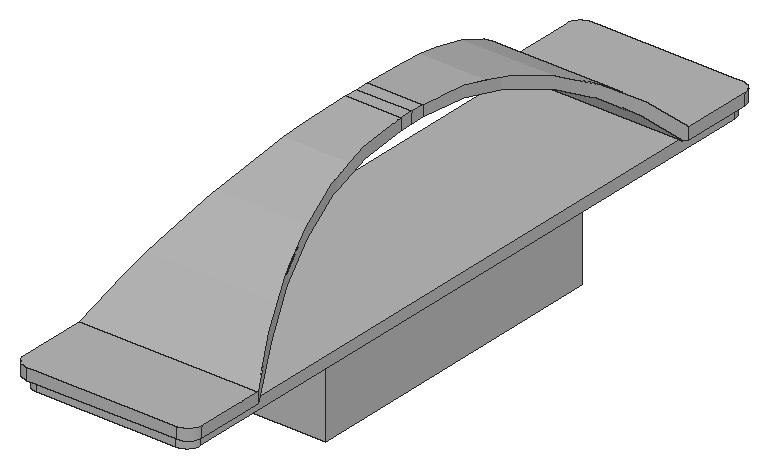
Revit family "3039987 Lighting Fixture_Sylvania_Lumina Wave LED_Wall Mounted", category Lighting Fixtures, host Face, Revit 2017
Family settings
  Host = Face
  Round Connector Dimension = Use Diameter
  Part Type = Normal
  OmniClass Number = 23.80.70.11.17
  OmniClass Title = Specialized Lighting by Location or Use
  Cut with Voids When Loaded = No
  Light Source = Yes
  Shared = No
  Room Calculation Point = No
Parameters (values of type "Lumina Wave LED 2700K")
  Wattage = 6 W
  built-in parameter 1150110 = 1 (stored number, unit not read)
  Voltage Comments = "UNV (Universal Voltage; 100-240 Volt)"  # constant formula
  Voltage = 240 V  # constant formula
  URL = "http://www.sylvania-lighting.com"
  built-in parameter 1114217 = 1 (stored number, unit not read)
  Tilt Angle = -90.00°
  built-in parameter 1150109 = 1 (stored number, unit not read)
  built-in parameter 1150134 = (empty or 0)
  built-in parameter 1150113 = 1 (stored number, unit not read)
  Width = 64.0 mm  # constant formula
  Photometric Web File = "3039987_LuminaWaveLED2700K-183091.ies"
  Product Page URL = "http://www.sylvania-lighting.com/product/en-int/products/3039987"
  Product Family = "Lumina LED"  # constant formula
  Photometry Comments = ""
  built-in parameter 1150105 = 16.711 (stored number, unit not read)
  Lumens = 210 lm
  built-in parameter 1150115 = 1 (stored number, unit not read)
  built-in parameter 1150137 = (empty or 0)
  built-in parameter 1150139 = (empty or 0)
  Light Distribution = "Direct / Indirect"  # constant formula
  Life = "30 000h"  # constant formula
  Length = 254.0 mm  # constant formula
  built-in parameter 1150112 = 1 (stored number, unit not read)
  built-in parameter 1150114 = 1 (stored number, unit not read)
  built-in parameter 1150132 = 2
  built-in parameter 1150102 = (empty or 0)
  built-in parameter 1150107 = 2700 (stored number, unit not read)
  built-in parameter 1150138 = (empty or 0)
  built-in parameter 1150106 = 0.16711 (stored number, unit not read)
  IP Rating = "IP20"  # constant formula
  Height = 76.0 mm  # constant formula
  Energy Class = "A++, A+, A"  # constant formula
  Emit from Circle Diameter = 5.3 mm  # constant formula
  Emit Shape Visible in Rendering = no
  Electrical Protection = "Class II"  # constant formula
  built-in parameter 1150104 = 3.2516 (stored number, unit not read)
  Drive Current = "500mA"  # constant formula
  Dimming Lamp Color Temperature Shift = <None>
  Mounting Length = 115.0 mm
  Mounting Width = 50.0 mm
  Color Filter = 16777215
  built-in parameter 1114218 = 1 (stored number, unit not read)
  built-in parameter 1150133 = 10 (stored number, unit not read)
  Accessory Material = Aluminum_Sylvania_Wave LED_White_RAL 9016
  built-in parameter 1114216 [instance] = 1 (stored number, unit not read)
  Body Material = Aluminum_Sylvania_Wave LED_White_RAL 9016
  Model = "3039987 Lumina Wave LED 2700K"
  Manufacturer = "Feilo Sylvania"  # constant formula
  Lamp = "LED"
  Description = "Lumina LED is a new range of ambient &\r\ndecorative LED wall lights. Consisting of\r\nmultiple decorative styles, they are suitable\r\nfor use in any hospitality or residential\r\napplication such as reception areas, hallways\r\nand lounge spaces.\r\nLumina LED offers a selection of different\r\nstyles to suit multiple applications. With a\r\n2,700K colour temperature it provides a soft\r\nand ambient lighting effect.\r\nLumina LED provides direct/indirect ambient\r\nlight with an efficacy of up to 87lm/W; up to\r\n50% more energy efficient than equivalent\r\nproducts using traditional lamp sources."  # constant formula
  Default Elevation = 0.0 mm
  built-in parameter 1140040 [instance] = 1
  Assembly Code = "D5020200"
  Apparent Load Comments = ""
  Apparent Load = 6 VA
Reference planes
  plane 1 "Center (Front/Back)": y = 0
  plane 2: z = 0
  plane 3 "Center (Left/Right)": x = 0
  plane 4 "Fisxture Right": x = 32
  plane 5 "Fixture Left": x = -32
  plane 6 "Mounting Back": y = 57.5
  plane 7 "Mounting Front": y = -57.5
  plane 8 "Mounting Top": z = 28
  plane 9: z = 32
  plane 10 "Fixture Front": y = -127
  plane 11 "Fixture Back": y = 127
  plane 12 "Fixture Top": z = 76
  plane 13: y = -97
  plane 14: y = 97
  plane 15: z = 36
  plane 16 "Mounting Right": x = 25
  plane 17 "Mounting Left": x = -25
  plane 18: x = 10
  plane 19: x = -10
  plane 20 "Lighting Source": z = 72
Forms (mm)
  Extrusion 1, solid, material "Aluminum_Sylvania_Wave LED_White_RAL 9016" <- "Body Material"
    sketch origin (-389.213, -4572, -85) x (-1, 0, 0) y (0, -1, 0)
      loop
        line (-364.213, -4629.5) -> (-364.213, -4514.5) -> (-414.213, -4514.5) -> (-414.213, -4629.5) -> (-364.213, -4629.5)
    from 85 to 113
  Extrusion 2, solid, material "Aluminum_Sylvania_Wave LED_White_RAL 9016" <- "Accessory Material", detail levels fine
    sketch origin (0, 0, 0) x (0, 1, 0) y (0, 0, 1)
      loop
        line (-127, 36) -> (-127, 32) -> (-95.244, 32)
        arc (-95.244, 32) -> (-54.356, 61.552) -> (-5, 72) r 121.8
        line (-5, 72) -> (0, 72) -> (5, 72)
        arc (5, 72) -> (54.356, 61.552) -> (95.244, 32) r 121.8
        line (95.244, 32) -> (127, 32) -> (127, 36) -> (97, 36)
        arc (97, 36) -> (55.16, 65.567) -> (5, 76) r 125.8
        line (5, 76) -> (0, 76) -> (-5, 76)
        arc (-5, 76) -> (-55.16, 65.567) -> (-97, 36) r 125.8
        line (-97, 36) -> (-127, 36)
    from -32 to 32
  Extrusion 3, solid, material "Aluminum_Sylvania_Wave LED_White_RAL 9016" <- "Accessory Material", detail levels fine
    sketch origin (-389.213, -4572, -85) x (-1, 0, 0) y (0, -1, 0)
      loop
        line (-414.213, -4697) -> (-364.213, -4697)
        arc (-364.213, -4697) -> (-360.678, -4695.536) -> (-359.213, -4692) r 5
        line (-359.213, -4692) -> (-359.213, -4452)
        arc (-359.213, -4452) -> (-360.678, -4448.464) -> (-364.213, -4447) r 5
        line (-364.213, -4447) -> (-414.213, -4447)
        arc (-414.213, -4447) -> (-417.749, -4448.464) -> (-419.213, -4452) r 5
        line (-419.213, -4452) -> (-419.213, -4692)
        arc (-419.213, -4692) -> (-417.749, -4695.536) -> (-414.213, -4697) r 5
    from 113 to 117
  Extrusion 4, solid, material "Aluminum_Sylvania_Wave LED_White_RAL 9016" <- "Accessory Material", detail levels coarse+medium
    sketch origin (0, 0, 0) x (0, 1, 0) y (0, 0, 1)
      loop
        line (-127, 36) -> (-127, 28) -> (127, 28) -> (127, 36) -> (97, 36)
        arc (97, 36) -> (55.16, 65.567) -> (5, 76) r 125.8
        line (5, 76) -> (0, 76) -> (-5, 76)
        arc (-5, 76) -> (-55.16, 65.567) -> (-97, 36) r 125.8
        line (-97, 36) -> (-127, 36)
      loop
        line (-95.244, 32) -> (95.244, 32)
        arc (95.244, 32) -> (54.356, 61.552) -> (5, 72) r 121.8
        line (5, 72) -> (0, 72) -> (-5, 72)
        arc (-5, 72) -> (-54.356, 61.552) -> (-95.244, 32) r 121.8
    from -32 to 32
  Extrusion 5, void
    sketch origin (-389.213, -4572, -85) x (-1, 0, 0) y (0, -1, 0)
      loop
        arc (-421.213, -4669) -> (-404.79, -4624.297) -> (-399.213, -4577) r 203.364
        line (-399.213, -4577) -> (-399.213, -4572) -> (-399.213, -4567)
        arc (-399.213, -4567) -> (-404.79, -4519.703) -> (-421.213, -4475) r 203.364
        line (-421.213, -4475) -> (-421.213, -4450)
        arc (-421.213, -4450) -> (-419.749, -4446.464) -> (-416.213, -4445) r 5
        line (-416.213, -4445) -> (-414.213, -4445) -> (-414.213, -4440) -> (-431.213, -4440) -> (-431.213, -4704) -> (-414.213, -4704) -> (-414.213, -4699) -> (-416.213, -4699)
        arc (-416.213, -4699) -> (-419.749, -4697.536) -> (-421.213, -4694) r 5
        line (-421.213, -4694) -> (-421.213, -4669)
      loop
        line (-357.213, -4669) -> (-357.213, -4694)
        arc (-357.213, -4694) -> (-358.678, -4697.536) -> (-362.213, -4699) r 5
        line (-362.213, -4699) -> (-364.213, -4699) -> (-364.213, -4704) -> (-347.213, -4704) -> (-347.213, -4440) -> (-364.213, -4440) -> (-364.213, -4445) -> (-362.213, -4445)
        arc (-362.213, -4445) -> (-358.678, -4446.464) -> (-357.213, -4450) r 5
        line (-357.213, -4450) -> (-357.213, -4475)
        arc (-357.213, -4475) -> (-373.637, -4519.703) -> (-379.213, -4567) r 203.364
        line (-379.213, -4567) -> (-379.213, -4572) -> (-379.213, -4577)
        arc (-379.213, -4577) -> (-373.637, -4624.297) -> (-357.213, -4669) r 203.364
    from 117 to 161
  Extrusion 6, void
    sketch origin (-389.213, -4572, 0) x (-1, 0, 0) y (0, -1, 0)
      loop
        arc (-421.213, -4669) -> (-404.79, -4624.297) -> (-399.213, -4577) r 203.364
        line (-399.213, -4577) -> (-399.213, -4572) -> (-399.213, -4567)
        arc (-399.213, -4567) -> (-404.79, -4519.703) -> (-421.213, -4475) r 203.364
        line (-421.213, -4475) -> (-421.213, -4450)
        arc (-421.213, -4450) -> (-419.749, -4446.464) -> (-416.213, -4445) r 5
        line (-416.213, -4445) -> (-414.213, -4445) -> (-414.213, -4440) -> (-431.213, -4440) -> (-431.213, -4704) -> (-414.213, -4704) -> (-414.213, -4699) -> (-416.213, -4699)
        arc (-416.213, -4699) -> (-419.749, -4697.536) -> (-421.213, -4694) r 5
        line (-421.213, -4694) -> (-421.213, -4669)
      loop
        line (-357.213, -4669) -> (-357.213, -4694)
        arc (-357.213, -4694) -> (-358.678, -4697.536) -> (-362.213, -4699) r 5
        line (-362.213, -4699) -> (-364.213, -4699) -> (-364.213, -4704) -> (-347.213, -4704) -> (-347.213, -4440) -> (-364.213, -4440) -> (-364.213, -4445) -> (-362.213, -4445)
        arc (-362.213, -4445) -> (-358.678, -4446.464) -> (-357.213, -4450) r 5
        line (-357.213, -4450) -> (-357.213, -4475)
        arc (-357.213, -4475) -> (-373.637, -4519.703) -> (-379.213, -4567) r 203.364
        line (-379.213, -4567) -> (-379.213, -4572) -> (-379.213, -4577)
        arc (-379.213, -4577) -> (-373.637, -4624.297) -> (-357.213, -4669) r 203.364
    from 32 to 76
  Extrusion 7, void
    sketch origin (-389.213, -4572, 0) x (-1, 0, 0) y (0, -1, 0)
      loop
        arc (-421.213, -4669) -> (-404.79, -4624.297) -> (-399.213, -4577) r 203.364
        line (-399.213, -4577) -> (-399.213, -4572) -> (-399.213, -4567)
        arc (-399.213, -4567) -> (-404.79, -4519.703) -> (-421.213, -4475) r 203.364
        line (-421.213, -4475) -> (-421.213, -4445) -> (-414.213, -4445) -> (-414.213, -4440) -> (-431.213, -4440) -> (-431.213, -4704) -> (-414.213, -4704) -> (-414.213, -4699) -> (-421.213, -4699) -> (-421.213, -4669)
      loop
        line (-357.213, -4669) -> (-357.213, -4699) -> (-364.213, -4699) -> (-364.213, -4704) -> (-347.213, -4704) -> (-347.213, -4440) -> (-364.213, -4440) -> (-364.213, -4445) -> (-357.213, -4445) -> (-357.213, -4475)
        arc (-357.213, -4475) -> (-373.637, -4519.703) -> (-379.213, -4567) r 203.364
        line (-379.213, -4567) -> (-379.213, -4572) -> (-379.213, -4577)
        arc (-379.213, -4577) -> (-373.637, -4624.297) -> (-357.213, -4669) r 203.364
    from 32 to 76
Cuts and joins
  Extrusion 5 cuts Extrusion 1
  Extrusion 5, Extrusion 6, Extrusion 7 cuts Extrusion 2
  Extrusion 5, Extrusion 6, Extrusion 7 cuts Extrusion 3
  Extrusion 7 cuts Extrusion 4
Dimensions and locks
  equal spacing: plane 5 "Fixture Left", plane 3 "Center (Left/Right)", plane 4 "Fisxture Right"
  equal spacing: plane 6 "Mounting Back", plane 1 "Center (Front/Back)", plane 7 "Mounting Front"
  "Mounting Length": plane 6 "Mounting Back" to plane 7 "Mounting Front"
  "Width": plane 5 "Fixture Left" to plane 4 "Fisxture Right"
  equal spacing: plane 10 "Fixture Front", plane 1 "Center (Front/Back)", plane 11 "Fixture Back"
  "Length": plane 10 "Fixture Front" to plane 11 "Fixture Back"
  "Height": plane 12 "Fixture Top" to plane 2
  equal spacing: Extrusion 2 sketch curve, plane 1 "Center (Front/Back)", Extrusion 2 sketch curve
  equal spacing: plane 17 "Mounting Left", plane 3 "Center (Left/Right)", plane 16 "Mounting Right"
  "Mounting Width": plane 17 "Mounting Left" to plane 16 "Mounting Right"
  plane 12 "Fixture Top" to plane 15 to plane 9 to plane 8 "Mounting Top" = 40.0 mm locked, 4.0 mm locked, 4.0 mm locked
  locked: plane 14 to plane 11 "Fixture Back" at 30
  locked: plane 10 "Fixture Front" to plane 13 at 30
  Extrusion 4 sketch curve to Extrusion 4 sketch curve = 10.0 mm
  locked: Extrusion 5 sketch curve to plane 5 "Fixture Left" at 10
  locked: plane 11 "Fixture Back" to Extrusion 5 sketch curve at 5  (x2)
  locked: Extrusion 5 sketch curve to plane 10 "Fixture Front" at 5  (x2)
  locked: plane 4 "Fisxture Right" to Extrusion 5 sketch curve at 10
  plane 19 to plane 3 "Center (Left/Right)" to plane 18 = 10.0 mm locked, 10.0 mm locked
  locked: plane 12 "Fixture Top" to plane 20 "Lighting Source" at 4
  aligned and locked: level to host face
  aligned and locked: level to plane 2
  aligned and locked: Extrusion 1 sketch curve to plane 6 "Mounting Back"
  aligned and locked: plane 7 "Mounting Front" to Extrusion 1 sketch curve
  aligned and locked: Extrusion 2 sketch curve to plane 15
  aligned and locked: plane 1 "Center (Front/Back)" to Extrusion 2 sketch curve
  aligned and locked: Extrusion 2 sketch curve to plane 12 "Fixture Top"
  aligned and locked: plane 15 to Extrusion 2 sketch curve
  aligned and locked: plane 14 to Extrusion 2 sketch curve
  aligned and locked: Extrusion 2 sketch curve to plane 9
  aligned and locked: plane 9 to Extrusion 2 sketch curve
  aligned and locked: Extrusion 2 sketch curve to plane 11 "Fixture Back"
  aligned and locked: Extrusion 2 sketch curve to plane 10 "Fixture Front"
  aligned and locked: Extrusion 2 to plane 5 "Fixture Left"
  aligned and locked: plane 4 "Fisxture Right" to Extrusion 2
  aligned and locked: Extrusion 3 to plane 8 "Mounting Top"
  aligned and locked: plane 9 to Extrusion 3
  aligned and locked: plane 13 to Extrusion 2 sketch curve
  aligned and locked: plane 17 "Mounting Left" to Extrusion 1 sketch curve
  aligned and locked: Extrusion 1 sketch curve to plane 16 "Mounting Right"
  aligned and locked: plane 8 "Mounting Top" to Extrusion 1
  aligned and locked: Extrusion 4 sketch curve to plane 11 "Fixture Back"
  aligned and locked: Extrusion 4 sketch curve to plane 10 "Fixture Front"
  aligned and locked: Extrusion 4 sketch curve to plane 12 "Fixture Top"
  aligned and locked: plane 15 to Extrusion 4 sketch curve
  aligned and locked: Extrusion 4 sketch curve to plane 15
  aligned and locked: Extrusion 4 sketch curve to plane 8 "Mounting Top"
  aligned and locked: plane 9 to Extrusion 4 sketch curve
  aligned and locked: Extrusion 4 to plane 5 "Fixture Left"
  aligned and locked: plane 4 "Fisxture Right" to Extrusion 4
  aligned and locked: Extrusion 5 sketch curve to plane 4 "Fisxture Right"
  aligned and locked: plane 4 "Fisxture Right" to Extrusion 5 sketch curve
  aligned and locked: plane 5 "Fixture Left" to Extrusion 5 sketch curve
  aligned and locked: Extrusion 5 sketch curve to plane 5 "Fixture Left"
  aligned and locked: plane 12 "Fixture Top" to Extrusion 5
  aligned and locked: Extrusion 5 to plane 9
  aligned and locked: plane 11 "Fixture Back" to Extrusion 5 sketch curve
  aligned and locked: plane 16 "Mounting Right" to Extrusion 5 sketch curve
  aligned and locked: plane 17 "Mounting Left" to Extrusion 5 sketch curve
  aligned and locked: Extrusion 5 sketch curve to plane 11 "Fixture Back"
  aligned and locked: Extrusion 5 sketch curve to plane 10 "Fixture Front"
  aligned and locked: Extrusion 5 sketch curve to plane 17 "Mounting Left"
  aligned and locked: plane 10 "Fixture Front" to Extrusion 5 sketch curve
  aligned and locked: Extrusion 5 sketch curve to plane 16 "Mounting Right"
  aligned and locked: plane 19 to Extrusion 5 sketch curve
  aligned and locked: Extrusion 5 sketch curve to plane 18
  aligned and locked: Extrusion 6 to plane 9
  aligned and locked: plane 12 "Fixture Top" to Extrusion 6
  aligned and locked: plane 3 "Center (Left/Right)" to imposter light
  aligned and locked: plane 1 "Center (Front/Back)" to imposter light
  aligned and locked: imposter light to plane 20 "Lighting Source"
  aligned and locked: Extrusion 7 to plane 9
  aligned and locked: plane 12 "Fixture Top" to Extrusion 7
Automatic sketch dimensions
  host sketch curve to host sketch curve = 1548.75 mm
  host sketch curve to host sketch curve = 1415.87 mm
  plane 1 "Center (Front/Back)" to Extrusion 2 sketch curve = 5.0 mm
  Extrusion 2 sketch curve to Extrusion 2 sketch curve = 0.0 mm  (x4)
  Extrusion 2 sketch curve to plane 13 = 1.756 mm
  Extrusion 2 sketch curve to plane 1 "Center (Front/Back)" = 0.0 mm
  Extrusion 3 sketch curve to plane 4 "Fisxture Right" = 2.0 mm
  plane 11 "Fixture Back" to Extrusion 3 sketch curve = 2.0 mm
  Extrusion 3 sketch curve to plane 10 "Fixture Front" = 2.0 mm
  Extrusion 3 sketch curve to plane 4 "Fisxture Right" = 7.0 mm
  plane 5 "Fixture Left" to Extrusion 3 sketch curve = 7.0 mm  (x2)
  plane 5 "Fixture Left" to Extrusion 3 sketch curve = 2.0 mm
  Extrusion 3 sketch curve to Extrusion 3 sketch curve = 5.0 mm
  Extrusion 4 sketch curve to Extrusion 4 sketch curve = 0.0 mm  (x4)
  Extrusion 4 sketch curve to plane 1 "Center (Front/Back)" = 0.0 mm  (x2)
  plane 1 "Center (Front/Back)" to Extrusion 4 sketch curve = 5.0 mm
  Extrusion 4 sketch curve to plane 1 "Center (Front/Back)" = 5.0 mm
  Extrusion 4 sketch curve to plane 12 "Fixture Top" = 4.0 mm
  Extrusion 4 sketch curve to plane 14 = 0.0 mm
  Extrusion 4 sketch curve to plane 13 = 0.0 mm
  Extrusion 5 sketch curve to plane 14 = 0.0 mm  (x2)
  plane 1 "Center (Front/Back)" to Extrusion 5 sketch curve = 0.0 mm  (x2)
  plane 13 to Extrusion 5 sketch curve = 0.0 mm  (x2)
  plane 16 "Mounting Right" to Extrusion 5 sketch curve = 2.0 mm
  Extrusion 5 sketch curve to Extrusion 5 sketch curve = 2.0 mm
  Extrusion 5 sketch curve to plane 17 "Mounting Left" = 2.0 mm  (x2)
  plane 1 "Center (Front/Back)" to Extrusion 5 sketch curve = 5.0 mm  (x2)
  Extrusion 5 sketch curve to plane 1 "Center (Front/Back)" = 5.0 mm  (x2)
  Extrusion 6 sketch curve to plane 4 "Fisxture Right" = 0.0 mm  (x2)
  plane 11 "Fixture Back" to Extrusion 6 sketch curve = 0.0 mm  (x2)
  plane 10 "Fixture Front" to Extrusion 6 sketch curve = 0.0 mm  (x2)
  Extrusion 6 sketch curve to plane 16 "Mounting Right" = 0.0 mm  (x2)
  plane 1 "Center (Front/Back)" to Extrusion 6 sketch curve = 0.0 mm  (x2)
  Extrusion 6 sketch curve to plane 18 = 0.0 mm
  Extrusion 6 sketch curve to plane 19 = 0.0 mm
  Extrusion 6 sketch curve to plane 17 "Mounting Left" = 0.0 mm  (x2)
  Extrusion 6 sketch curve to plane 5 "Fixture Left" = 0.0 mm  (x2)
  Extrusion 6 sketch curve to plane 14 = 0.0 mm  (x2)
  plane 13 to Extrusion 6 sketch curve = 0.0 mm  (x2)
  plane 4 "Fisxture Right" to Extrusion 6 sketch curve = 10.0 mm
  plane 16 "Mounting Right" to Extrusion 6 sketch curve = 2.0 mm
  Extrusion 6 sketch curve to Extrusion 6 sketch curve = 2.0 mm
  Extrusion 6 sketch curve to plane 17 "Mounting Left" = 2.0 mm  (x2)
  Extrusion 6 sketch curve to plane 5 "Fixture Left" = 10.0 mm
  Extrusion 6 sketch curve to plane 1 "Center (Front/Back)" = 5.0 mm  (x2)
  plane 1 "Center (Front/Back)" to Extrusion 6 sketch curve = 5.0 mm  (x2)
  Extrusion 6 sketch curve to plane 11 "Fixture Back" = 5.0 mm  (x2)
  plane 10 "Fixture Front" to Extrusion 6 sketch curve = 5.0 mm  (x2)
  Extrusion 7 sketch curve to plane 4 "Fisxture Right" = 0.0 mm  (x2)
  Extrusion 7 sketch curve to plane 16 "Mounting Right" = 0.0 mm  (x2)
  plane 1 "Center (Front/Back)" to Extrusion 7 sketch curve = 0.0 mm  (x2)
  Extrusion 7 sketch curve to plane 18 = 0.0 mm
  Extrusion 7 sketch curve to plane 19 = 0.0 mm
  Extrusion 7 sketch curve to plane 17 "Mounting Left" = 0.0 mm  (x2)
  Extrusion 7 sketch curve to plane 5 "Fixture Left" = 0.0 mm  (x2)
  Extrusion 7 sketch curve to plane 14 = 0.0 mm  (x2)
  plane 13 to Extrusion 7 sketch curve = 0.0 mm  (x2)
  plane 4 "Fisxture Right" to Extrusion 7 sketch curve = 10.0 mm
  Extrusion 7 sketch curve to plane 5 "Fixture Left" = 10.0 mm
  Extrusion 7 sketch curve to plane 1 "Center (Front/Back)" = 5.0 mm  (x2)
  plane 1 "Center (Front/Back)" to Extrusion 7 sketch curve = 5.0 mm  (x2)
  Extrusion 7 sketch curve to plane 11 "Fixture Back" = 5.0 mm  (x2)
  plane 10 "Fixture Front" to Extrusion 7 sketch curve = 5.0 mm  (x2)
  plane 11 "Fixture Back" to Extrusion 7 sketch curve = 0.0 mm  (x2)
  plane 10 "Fixture Front" to Extrusion 7 sketch curve = 0.0 mm  (x2)
Connectors
  electrical at (0, 0, 0), driven by "Voltage", driven by "Apparent Load"
    settings: on cut or joined group of Extrusion 1, Extrusion 5, index 1, voltage 240 V, apparent load 0 VA, apparent load phase1 6 VA, apparent load phase2 0 VA, apparent load phase3 0 VA, power factor 1, load classification "Lighting", number of poles 1, system type 31, power factor state 1, is connector primary yes, connector utility no, sub classification motor no, connector description ""
